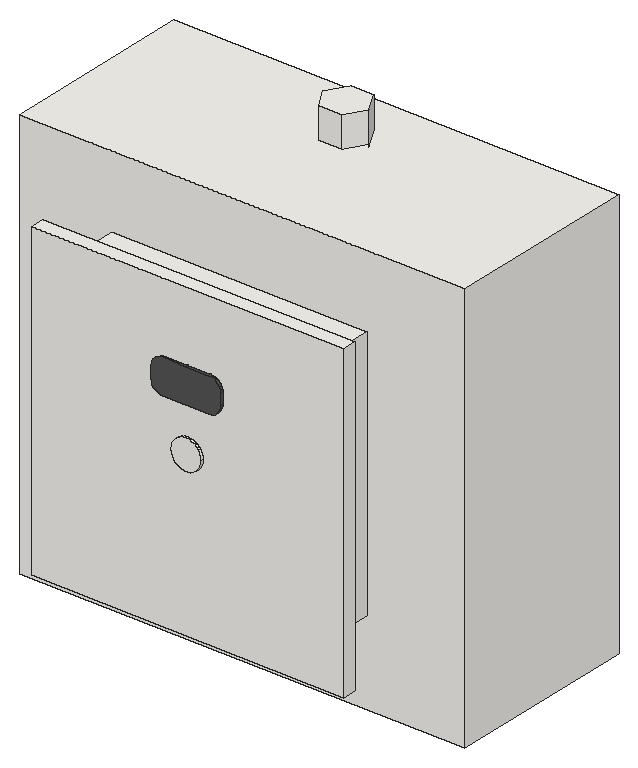
Revit family "DAUF0004", category Generic Models, Revit 2017
Family settings
  Can host rebar = No
  Round Connector Dimension = Use Diameter
  Part Type = Normal
  Work Plane-Based = Yes
  Always vertical = Yes
  Cut with Voids When Loaded = No
  Shared = No
  Room Calculation Point = No
Parameters
  Website = "https://dolphy.in/"  # constant formula
  Default Elevation = 0 mm
  Contact Number = "+91 9520202035"  # constant formula
  Contact Email = "info@dolphy.in\r\n"  # constant formula
  Company Name = "Dolphy India"  # constant formula
Reference planes
  plane 1 "Center (Front/Back)": y = 0
  plane 2: z = 0
  plane 3 "Center (Left/Right)": x = 0
Forms (mm)
  Revolve 1, solid, material "Silver"
    sketch origin (0, 1.602, -1050.268) x (0, 1, 0) y (0, 0, 1)
      loop
        line (86, 1028.768) -> (86, 1018.5) -> (95, 1018.5) -> (92.946, 1020.554) -> (95, 1022.607) -> (92.946, 1024.661) -> (95, 1026.715) -> (92.946, 1028.768) -> (86, 1028.768)
      axis (86, 1028.768) -> (86, 1018.5)
    angle from 0 to 360
  Extrusion 2, solid, material "Silver"
    sketch origin (0, -6, 0) x (1, 0, 0) y (0, 0, 1)
      loop
        line (-67.5, 135) -> (-67.5, 0) -> (67.5, 0) -> (67.5, 135) -> (-67.5, 135)
    from -6 to 0
  Extrusion 3, solid, material "Silver"
    sketch origin (0, -6, -1047.5) x (1, 0, 0) y (0, 0, 1)
      loop
        line (-55, 1172.5) -> (-55, 1062.5) -> (55, 1062.5) -> (55, 1172.5) -> (-55, 1172.5)
    from -6 to -28
  Extrusion 4, solid, material "Silver"
    sketch origin (-6, -6, -1050) x (1, 0, 0) y (0, 0, 1)
      loop
        line (-89, 1206.5) -> (-89, 1028.5) -> (103.485, 1028.5) -> (103.485, 1206.5) -> (-89, 1206.5)
    from -28 to -111
  Extrusion 5, solid, material "Silver"
    sketch origin (-1502.05, -1530, 135) x (-1, 0, 0) y (0, -1, 0)
      loop
        line (-1511.68, -1610) -> (-1506.68, -1618.66) -> (-1496.68, -1618.66) -> (-1491.68, -1610) -> (-1496.68, -1601.34) -> (-1506.68, -1601.34) -> (-1511.68, -1610)
    from 19.217 to 34.708
  Extrusion 6, solid, material "BLACK"
    sketch origin (0, -6, 0) x (1, 0, 0) y (0, 0, 1)
      loop
        line (0, 105) -> (-10, 105)
        arc (-10, 105) -> (-13.536, 103.536) -> (-15, 100) r 5
        line (-15, 100) -> (-15, 95)
        arc (-15, 95) -> (-13.536, 91.464) -> (-10, 90) r 5
        line (-10, 90) -> (10, 90)
        arc (10, 90) -> (13.536, 91.464) -> (15, 95) r 5
        line (15, 95) -> (15, 100)
        arc (15, 100) -> (13.536, 103.536) -> (10, 105) r 5
        line (10, 105) -> (0, 105)
    from 0 to 1.041
  Extrusion 7, solid, material "Silver"
    sketch origin (0, -6, 0) x (1, 0, 0) y (0, 0, 1)
      loop
        circle (0, 70.775) r 6.501
    from 0 to 0.98
Dimensions and locks
  Extrusion 3 sketch curve to Extrusion 2 = 12.5 mm  (x2)
  Extrusion 2 to Extrusion 3 sketch curve = 10 mm
  Extrusion 3 sketch curve to Extrusion 2 = 15 mm
  aligned and locked: level to plane 2
